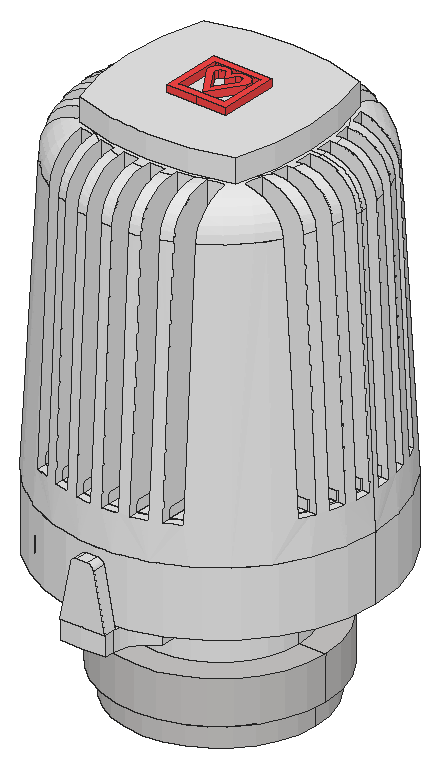
Revit family "HERZ-Classic-Thermostatic Sensor M28x1.5 7230", category Rohrzubehör, Revit 2020
Family settings
  Bemaßung runder Anschluss = Durchmesser verwenden
  Teiletyp = Normal
  OmniClass-Nummer = 23.65.55.14
  OmniClass-Titel = Valves for Liquid Services
  Arbeitsebenenbasiert = Nein
  Immer vertikal = Nein
  Beim Laden mit Abzugskörper schneiden = Nein
  Gemeinsam genutzt = Nein
Parameters
  Vorgabe-Ansicht = 0.000 mm
  Part number = 1723006  # constant formula
  Operation = "The HERZ-thermostat serves as probe and control element.\r\nThe valve spindle is moved when the volume of the liquid fillng of the HERZ-hydrosensor changes."
  Model = "Radiator Thermostat With Hydrosensor (liquid filled)\r\nWith \"0\" position, adjustable frost protection, limitation and locking of set value range.\r\nWhite hand wheel."
  Frost protection = "6°C"  # constant formula
  W02 = 120.00°  # constant formula
  W01 = 135.00°  # constant formula
  URL = "www.herzvalves.com"
  Set value range = "0 - 28°C"  # constant formula
  S02 = 60.000 mm  # constant formula
  S01 = H02 + H07  # 76.000 mm
  R07 = 6.000 mm  # constant formula
  R06 = 24.000 mm  # constant formula
  R05 = 16.350 mm  # constant formula
  R04 = 14.750 mm  # constant formula
  R03 = 13.200 mm  # constant formula
  R02 = 12.200 mm  # constant formula
  R01 = 22.400 mm  # constant formula
  Hersteller = "HERZ Armaturen Ges.m.b.H."  # constant formula
  Hand wheel = "plastic, white"  # constant formula
  H09 = 3.500 mm  # constant formula
  H08 = 10.000 mm  # constant formula
  H07 = 59.000 mm  # constant formula
  H06 = 3.000 mm  # constant formula
  H05 = 10.500 mm  # constant formula
  H03 = 5.500 mm  # constant formula
  H02 = 17.000 mm  # constant formula
  H01 = 34.000 mm  # constant formula
  Application = "Can be combined with any HERZ-valve suitable for thermostatic operation."
Reference planes
  plane 1 "Mitte (Vorne/hinten)": y = 0
  plane 2: z = 0
  plane 3 "Mitte (Links/rechts)": x = 0
Forms (mm)
  Revolve 1, solid, material "Kunststoff weiß", detail levels fine
    sketch origin (0, 0, 0) x (1, 0, 0) y (0, 0, 1)
      loop
        line (0, 0) -> (13.2, 0) -> (13.2, 4.5) -> (12.2, 5.5) -> (12.2, 17) -> (22.4, 17) -> (22.4, 34) -> (0, 34) -> (0, 0)
      axis (0, 34) -> (0, 0)
    angle from 0 to 360
  Revolve 2, solid, material "Messing verzinkt", detail levels fine
    sketch origin (0, 0, 0) x (1, 0, 0) y (0, 0, 1)
      loop
        line (0, 5.5) -> (13.2, 5.5) -> (13.2, -3.063) -> (14.75, -3.063) -> (14.75, -0.063) -> (16.35, 0.861) -> (16.35, 7.437) -> (0, 7.437) -> (0, 5.5)
      axis (0, 7.437) -> (0, -3.063)
    angle from 0 to 360
  Revolve 3, solid, material "Kunststoff weiß", detail levels fine
    sketch origin (0, 0, 0) x (1, 0, 0) y (0, 0, 1)
      loop
        line (0, 17) -> (24, 17) -> (24, 27) -> (21.791, 70.306)
        arc (21.791, 70.306) -> (19.931, 74.349) -> (15.798, 76) r 6
        line (15.798, 76) -> (0, 76) -> (0, 17)
      axis (0, 76) -> (0, 17)
    angle from 0 to 360
  Extrusion 4, void
    sketch origin (0, 0, 0) x (1, 0, 0) y (0, 1, 0)
      loop
        line (24.458, 0.8) -> (24.458, 3.2) -> (14.361, 3.2)
        arc (14.361, 3.2) -> (14.446, 2.001) -> (14.491, 0.8) r 37
        line (14.491, 0.8) -> (24.458, 0.8)
      loop
        line (24.458, 4.8) -> (24.458, 7.2) -> (13.793, 7.2)
        arc (13.793, 7.2) -> (14.01, 6.003) -> (14.187, 4.8) r 37
        line (14.187, 4.8) -> (24.458, 4.8)
      loop
        line (24.458, 8.8) -> (24.458, 11.2) -> (12.764, 11.2)
        arc (12.764, 11.2) -> (13.121, 10.006) -> (13.438, 8.8) r 37
        line (13.438, 8.8) -> (24.458, 8.8)
      loop
        line (24.458, -0.8) -> (14.491, -0.8)
        arc (14.491, -0.8) -> (14.446, -2.001) -> (14.361, -3.2) r 37
        line (14.361, -3.2) -> (24.458, -3.2) -> (24.458, -0.8)
      loop
        line (24.458, -4.8) -> (14.187, -4.8)
        arc (14.187, -4.8) -> (14.01, -6.003) -> (13.793, -7.2) r 37
        line (13.793, -7.2) -> (24.458, -7.2) -> (24.458, -4.8)
      loop
        line (24.458, -8.8) -> (13.438, -8.8)
        arc (13.438, -8.8) -> (13.121, -10.006) -> (12.764, -11.2) r 37
        line (12.764, -11.2) -> (24.458, -11.2) -> (24.458, -8.8)
      loop
        line (-24.458, 0.8) -> (-14.491, 0.8)
        arc (-14.491, 0.8) -> (-14.446, 2.001) -> (-14.361, 3.2) r 37
        line (-14.361, 3.2) -> (-24.458, 3.2) -> (-24.458, 0.8)
      loop
        line (-24.458, 4.8) -> (-14.187, 4.8)
        arc (-14.187, 4.8) -> (-14.01, 6.003) -> (-13.793, 7.2) r 37
        line (-13.793, 7.2) -> (-24.458, 7.2) -> (-24.458, 4.8)
      loop
        line (-24.458, 8.8) -> (-13.438, 8.8)
        arc (-13.438, 8.8) -> (-13.121, 10.006) -> (-12.764, 11.2) r 37
        line (-12.764, 11.2) -> (-24.458, 11.2) -> (-24.458, 8.8)
      loop
        line (-24.458, -0.8) -> (-24.458, -3.2) -> (-14.361, -3.2)
        arc (-14.361, -3.2) -> (-14.446, -2.001) -> (-14.491, -0.8) r 37
        line (-14.491, -0.8) -> (-24.458, -0.8)
      loop
        line (-24.458, -4.8) -> (-24.458, -7.2) -> (-13.793, -7.2)
        arc (-13.793, -7.2) -> (-14.01, -6.003) -> (-14.187, -4.8) r 37
        line (-14.187, -4.8) -> (-24.458, -4.8)
      loop
        line (-24.458, -8.8) -> (-24.458, -11.2) -> (-12.764, -11.2)
        arc (-12.764, -11.2) -> (-13.121, -10.006) -> (-13.438, -8.8) r 37
        line (-13.438, -8.8) -> (-24.458, -8.8)
      loop
        line (0.8, 24.458) -> (0.8, 14.491)
        arc (0.8, 14.491) -> (2.001, 14.446) -> (3.2, 14.361) r 37
        line (3.2, 14.361) -> (3.2, 24.458) -> (0.8, 24.458)
      loop
        line (4.8, 24.458) -> (4.8, 14.187)
        arc (4.8, 14.187) -> (6.003, 14.01) -> (7.2, 13.793) r 37
        line (7.2, 13.793) -> (7.2, 24.458) -> (4.8, 24.458)
      loop
        line (8.8, 24.458) -> (8.8, 13.438)
        arc (8.8, 13.438) -> (10.006, 13.121) -> (11.2, 12.764) r 37
        line (11.2, 12.764) -> (11.2, 24.458) -> (8.8, 24.458)
      loop
        line (-0.8, 24.458) -> (-3.2, 24.458) -> (-3.2, 14.361)
        arc (-3.2, 14.361) -> (-2.001, 14.446) -> (-0.8, 14.491) r 37
        line (-0.8, 14.491) -> (-0.8, 24.458)
      loop
        line (-4.8, 24.458) -> (-7.2, 24.458) -> (-7.2, 13.793)
        arc (-7.2, 13.793) -> (-6.003, 14.01) -> (-4.8, 14.187) r 37
        line (-4.8, 14.187) -> (-4.8, 24.458)
      loop
        line (-8.8, 24.458) -> (-11.2, 24.458) -> (-11.2, 12.764)
        arc (-11.2, 12.764) -> (-10.006, 13.121) -> (-8.8, 13.438) r 37
        line (-8.8, 13.438) -> (-8.8, 24.458)
      loop
        line (0.8, -24.458) -> (3.2, -24.458) -> (3.2, -14.361)
        arc (3.2, -14.361) -> (2.001, -14.446) -> (0.8, -14.491) r 37
        line (0.8, -14.491) -> (0.8, -24.458)
      loop
        line (4.8, -24.458) -> (7.2, -24.458) -> (7.2, -13.793)
        arc (7.2, -13.793) -> (6.003, -14.01) -> (4.8, -14.187) r 37
        line (4.8, -14.187) -> (4.8, -24.458)
      loop
        line (8.8, -24.458) -> (11.2, -24.458) -> (11.2, -12.764)
        arc (11.2, -12.764) -> (10.006, -13.121) -> (8.8, -13.438) r 37
        line (8.8, -13.438) -> (8.8, -24.458)
      loop
        line (-0.8, -24.458) -> (-0.8, -14.491)
        arc (-0.8, -14.491) -> (-2.001, -14.446) -> (-3.2, -14.361) r 37
        line (-3.2, -14.361) -> (-3.2, -24.458) -> (-0.8, -24.458)
      loop
        line (-4.8, -24.458) -> (-4.8, -14.187)
        arc (-4.8, -14.187) -> (-6.003, -14.01) -> (-7.2, -13.793) r 37
        line (-7.2, -13.793) -> (-7.2, -24.458) -> (-4.8, -24.458)
      loop
        line (-8.8, -24.458) -> (-8.8, -13.438)
        arc (-8.8, -13.438) -> (-10.006, -13.121) -> (-11.2, -12.764) r 37
        line (-11.2, -12.764) -> (-11.2, -24.458) -> (-8.8, -24.458)
    from 32.5 to 78
  Extrusion 5, solid, material "Kunststoff weiß", detail levels fine
    sketch origin (0, 0, 0) x (1, 0, 0) y (0, 1, 0)
      loop
        arc (12, 12) -> (0, 14) -> (-12, 12) r 37
        arc (-12, 12) -> (-14, 0) -> (-12, -12) r 37
        arc (-12, -12) -> (0, -14) -> (12, -12) r 37
        arc (12, -12) -> (14, 0) -> (12, 12) r 37
    from 76 to 79.5
  Extrusion 6, solid, material "Kunststoff weiß", detail levels fine
    sketch origin (0.017, -0.017, 0) x (0, -1, 0) y (1, 0, 0)
      loop
        line (14.714, 6.983) -> (14.714, -7.017) -> (19.645, -7.017)
        arc (19.645, -7.017) -> (21.761, -4.508) -> (24.882, -3.488) r 6
        line (24.882, -3.488) -> (26.272, -3.488)
        arc (26.272, -3.488) -> (26.5, 0) -> (26.267, 3.488) r 26.5
        line (26.267, 3.488) -> (24.882, 3.488)
        arc (24.882, 3.488) -> (21.777, 4.497) -> (19.66, 6.983) r 6
        line (19.66, 6.983) -> (14.714, 6.983)
    from 14 to 17
  Extrusion 7, solid, material "Kunststoff weiß", detail levels fine
    sketch origin (0.017, -0.017, 0) x (1, 0, 0) y (0, 0, 1)
      loop
        arc (-0.8, 26.1) -> (-1.432, 25.875) -> (-1.779, 25.302) r 1
        line (-1.779, 25.302) -> (-3.488, 17) -> (3.488, 17) -> (1.779, 25.302)
        arc (1.779, 25.302) -> (1.432, 25.875) -> (0.8, 26.1) r 1
        line (0.8, 26.1) -> (-0.8, 26.1)
    from 26.5 to 24.5
Cuts and joins
  Extrusion 4 cuts Revolve 1
  Extrusion 4 cuts Revolve 3
Lines and regions (mm)
  model lines, detail levels coarse+medium
    curve 1: line (0, 0, 0) -> (0, 0, 16)
    curve 2: line (0, 0, 0) -> (0, 16, 0)
    curve 3: circle (0, 0, 46) r 30 normal (0, -1, 0)
    curve 4: circle (0, 0, 46) r 30 normal (1, 0, 0)
    curve 5: line (0, 0, 26) -> (0, 0, 66)
    curve 6: line (0, 17.5, 66) -> (0, -17.5, 66)
    curve 7: line (0, 0, 26) -> (0, 0, 66)
    curve 8: line (-17.5, 0, 66) -> (17.5, 0, 66)
    curve 9: circle (0, 46, 0) r 30 normal (0, 0, 1)
    curve 10: line (0, 26, 0) -> (0, 66, 0)
    curve 11: line (-17.5, 66, 0) -> (17.5, 66, 0)
Dimensions and locks
  "H01": Revolve 1 sketch curve to Revolve 1 sketch curve
  "H02": Revolve 1 sketch curve to Revolve 1 sketch curve
  "H03": Revolve 1 sketch curve to Revolve 1 sketch curve
  "R01": Revolve 1 sketch curve to Revolve 1 sketch curve
  "R02": Revolve 1 sketch curve to Revolve 1 sketch curve
  "R03": Revolve 1 sketch curve to Revolve 1 sketch curve
  "H05": Revolve 2 sketch curve to Revolve 2 sketch curve
  "H06": Revolve 2 sketch curve to Revolve 2 sketch curve
  "H03": Revolve 2 sketch curve to plane 2
  "R04": Revolve 2 sketch curve to plane 3 "Mitte (Links/rechts)"
  "R03": plane 3 "Mitte (Links/rechts)" to Revolve 2 sketch curve
  "R05": Revolve 2 sketch curve to plane 3 "Mitte (Links/rechts)"
  "H08": Revolve 3 sketch curve to Revolve 3 sketch curve
  "R06": Revolve 3 sketch curve to Revolve 3 sketch curve
  "H02": Revolve 3 sketch curve to plane 2
  "H07": Revolve 3 sketch curve to Revolve 3 sketch curve
  "S01": curve 4 to plane 2
  "S01": curve 3 to plane 2
  "S01": plane 1 "Mitte (Vorne/hinten)" to curve 9
  "R07": radius of Revolve 3 sketch curve
  "S02": diameter of curve 3
  "S02": diameter of curve 4
  "S02": diameter of curve 9
  "W01": angle Revolve 1 sketch curve to Revolve 1 sketch curve
  "W02": angle Revolve 2 sketch curve to Revolve 2 sketch curve
  aligned and locked: level to plane 2
Automatic sketch dimensions
  plane 1 "Mitte (Vorne/hinten)" to Extrusion 5 sketch curve = 0.000 mm  (x2)
  Extrusion 5 sketch curve to plane 3 "Mitte (Links/rechts)" = 0.000 mm  (x2)
  Extrusion 5 sketch curve to plane 3 "Mitte (Links/rechts)" = 23.000 mm
  plane 3 "Mitte (Links/rechts)" to Extrusion 5 sketch curve = 23.000 mm
  plane 1 "Mitte (Vorne/hinten)" to Extrusion 5 sketch curve = 23.000 mm
  Extrusion 5 sketch curve to plane 1 "Mitte (Vorne/hinten)" = 23.000 mm
  Extrusion 5 sketch curve to plane 3 "Mitte (Links/rechts)" = 12.000 mm  (x2)
  plane 3 "Mitte (Links/rechts)" to Extrusion 5 sketch curve = 12.000 mm
  plane 1 "Mitte (Vorne/hinten)" to Extrusion 5 sketch curve = 12.000 mm
  Extrusion 4 sketch curve to Extrusion 4 sketch curve = 0.000 mm  (x58)
  plane 1 "Mitte (Vorne/hinten)" to Extrusion 4 sketch curve = 0.000 mm  (x2)
  Extrusion 4 sketch curve to plane 3 "Mitte (Links/rechts)" = 0.000 mm  (x2)
  Extrusion 4 sketch curve to plane 3 "Mitte (Links/rechts)" = 0.800 mm  (x2)
  Extrusion 4 sketch curve to Extrusion 4 sketch curve = 2.400 mm  (x12)
  Extrusion 4 sketch curve to Extrusion 4 sketch curve = 1.600 mm  (x16)
  Extrusion 4 sketch curve to Extrusion 4 sketch curve = 1.564 mm  (x8)
  Extrusion 4 sketch curve to Extrusion 4 sketch curve = 0.674 mm  (x5)
  Extrusion 4 sketch curve to Extrusion 4 sketch curve = 0.354 mm  (x8)
  Extrusion 4 sketch curve to Extrusion 4 sketch curve = 0.395 mm  (x4)
  Extrusion 4 sketch curve to Extrusion 4 sketch curve = 0.174 mm  (x8)
  plane 1 "Mitte (Vorne/hinten)" to Extrusion 4 sketch curve = 0.800 mm  (x2)
  Extrusion 4 sketch curve to Extrusion 4 sketch curve = 0.130 mm  (x2)
  Extrusion 4 sketch curve to plane 1 "Mitte (Vorne/hinten)" = 0.800 mm  (x2)
  Extrusion 4 sketch curve to Extrusion 4 sketch curve = 8.009 mm  (x3)
  Extrusion 4 sketch curve to Extrusion 4 sketch curve = 1.958 mm  (x7)
  plane 3 "Mitte (Links/rechts)" to Extrusion 4 sketch curve = 0.800 mm  (x2)
  Extrusion 4 sketch curve to Extrusion 4 sketch curve = 11.019 mm
  Extrusion 6 sketch curve to plane 3 "Mitte (Links/rechts)" = 0.000 mm
  plane 1 "Mitte (Vorne/hinten)" to Extrusion 6 sketch curve = 0.017 mm
  Extrusion 6 sketch curve to plane 3 "Mitte (Links/rechts)" = 7.000 mm
  plane 1 "Mitte (Vorne/hinten)" to Extrusion 6 sketch curve = 14.731 mm
  Extrusion 6 sketch curve to Extrusion 6 sketch curve = 4.930 mm
  Extrusion 6 sketch curve to Extrusion 6 sketch curve = 4.946 mm
  Extrusion 6 sketch curve to plane 3 "Mitte (Links/rechts)" = 3.471 mm
  Extrusion 6 sketch curve to Extrusion 6 sketch curve = 5.237 mm
  Extrusion 6 sketch curve to Extrusion 6 sketch curve = 5.222 mm
  Extrusion 6 sketch curve to Extrusion 6 sketch curve = 5.470 mm
  Extrusion 6 sketch curve to Extrusion 6 sketch curve = 0.233 mm
  Extrusion 6 sketch curve to Extrusion 6 sketch curve = 1.390 mm
  plane 3 "Mitte (Links/rechts)" to Extrusion 6 sketch curve = 3.505 mm
  Extrusion 6 sketch curve to Extrusion 6 sketch curve = 3.495 mm
  Extrusion 6 sketch curve to Extrusion 6 sketch curve = 0.000 mm
  Extrusion 7 sketch curve to plane 3 "Mitte (Links/rechts)" = 3.471 mm
  Extrusion 7 sketch curve to plane 3 "Mitte (Links/rechts)" = 1.763 mm
  Extrusion 7 sketch curve to plane 3 "Mitte (Links/rechts)" = 0.783 mm
  plane 3 "Mitte (Links/rechts)" to Extrusion 7 sketch curve = 0.817 mm
  Extrusion 7 sketch curve to Extrusion 7 sketch curve = 0.979 mm
  plane 3 "Mitte (Links/rechts)" to Extrusion 7 sketch curve = 3.505 mm
  level to Extrusion 7 sketch curve = 17.000 mm
  Extrusion 7 sketch curve to Extrusion 7 sketch curve = 8.100 mm
  Extrusion 7 sketch curve to Extrusion 7 sketch curve = 0.000 mm
  Extrusion 7 sketch curve to Extrusion 7 sketch curve = 0.202 mm
  curve 5 to plane 1 "Mitte (Vorne/hinten)" = 0.000 mm
  curve 4 to plane 1 "Mitte (Vorne/hinten)" = 0.000 mm
  plane 1 "Mitte (Vorne/hinten)" to curve 6 = 17.500 mm
  curve 5 to curve 6 = 17.500 mm
  curve 5 to curve 4 = 20.000 mm
  curve 4 to curve 6 = 20.000 mm
  curve 3 to plane 3 "Mitte (Links/rechts)" = 0.000 mm
  curve 7 to plane 3 "Mitte (Links/rechts)" = 0.000 mm
  curve 1 to plane 3 "Mitte (Links/rechts)" = 0.000 mm
  curve 1 to level = 0.000 mm
  curve 8 to plane 3 "Mitte (Links/rechts)" = 17.500 mm
  curve 7 to curve 8 = 17.500 mm
  curve 1 to curve 7 = 10.000 mm
  curve 3 to curve 8 = 20.000 mm
  curve 9 to plane 3 "Mitte (Links/rechts)" = 0.000 mm
  curve 10 to plane 3 "Mitte (Links/rechts)" = 0.000 mm
  curve 2 to plane 3 "Mitte (Links/rechts)" = 0.000 mm
  plane 1 "Mitte (Vorne/hinten)" to curve 2 = 0.000 mm
  curve 11 to curve 10 = 17.500 mm
  plane 3 "Mitte (Links/rechts)" to curve 11 = 17.500 mm
  curve 2 to curve 10 = 10.000 mm
  curve 9 to curve 11 = 20.000 mm
  Revolve 1 sketch curve to level = 0.000 mm
  Revolve 1 sketch curve to plane 3 "Mitte (Links/rechts)" = 0.000 mm  (x2)
  Revolve 1 sketch curve to level = 366.045 mm
  Revolve 1 sketch curve to Revolve 1 sketch curve = 2180.315 mm
  Revolve 2 sketch curve to plane 3 "Mitte (Links/rechts)" = 0.000 mm  (x2)
  level to Revolve 2 sketch curve = 0.861 mm
  Revolve 2 sketch curve to Revolve 2 sketch curve = 362.982 mm
  Revolve 2 sketch curve to Revolve 2 sketch curve = 2206.878 mm
  Revolve 3 sketch curve to plane 3 "Mitte (Links/rechts)" = 0.000 mm  (x2)
  plane 3 "Mitte (Links/rechts)" to Revolve 3 sketch curve = 15.798 mm
  Revolve 3 sketch curve to Revolve 3 sketch curve = 5.992 mm
  Revolve 3 sketch curve to level = 366.045 mm
  Revolve 3 sketch curve to Revolve 3 sketch curve = 2138.315 mm
Nested families
  nested 1: "Herz-Logo" at (0, 0, 79), type "Herz-Logo", detail levels fine
Definition of nested family "Herz-Logo"
  Parameters (values of type "Herz-Logo")
    Default Elevation = 0.000 mm
  Reference planes
    plane 1 "Mitte (Vorne/hinten)": y = 0
    plane 2: z = 0
    plane 3 "Mitte (Links/rechts)": x = 0
  Forms (mm)
    Extrusion 1, solid
      sketch origin (0, 0, 0) x (1, 0, 0) y (0, 1, 0)
        loop
          line (-0.018, -4.517) -> (4.482, -4.517) -> (4.482, 4.483) -> (-4.518, 4.483) -> (-4.518, -4.517) -> (-0.018, -4.517)
        loop
          line (-0.05, -3.48) -> (3.482, -3.48) -> (3.482, 3.483) -> (-3.518, 3.483) -> (-3.518, -3.48) -> (-0.05, -3.48)
        loop
          arc (-0.018, 2.383) -> (-1.543, 3.287) -> (-3.067, 2.383) r 1.738
          arc (-3.067, 2.383) -> (-3.191, 1.899) -> (-3.067, 1.415) r 1.009
          line (-3.067, 1.415) -> (-0.018, -3.281) -> (3.032, 1.415)
          arc (3.032, 1.415) -> (3.156, 1.899) -> (3.032, 2.383) r 1.009
          arc (3.032, 2.383) -> (1.507, 3.287) -> (-0.018, 2.383) r 1.738
        loop
          arc (1.885, 1.272) -> (2.005, 1.675) -> (1.885, 2.079) r 0.74
          arc (1.885, 2.079) -> (1.265, 2.416) -> (0.644, 2.079) r 0.74
          line (0.644, 2.079) -> (-0.018, 0.97) -> (-0.679, 2.079)
          arc (-0.679, 2.079) -> (-1.3, 2.416) -> (-1.921, 2.079) r 0.74
          arc (-1.921, 2.079) -> (-2.04, 1.675) -> (-1.921, 1.272) r 0.74
          line (-1.921, 1.272) -> (-0.018, -1.658) -> (1.885, 1.272)
      from 0 to 1.5
  Dimensions and locks
    aligned and locked: level to plane 2
